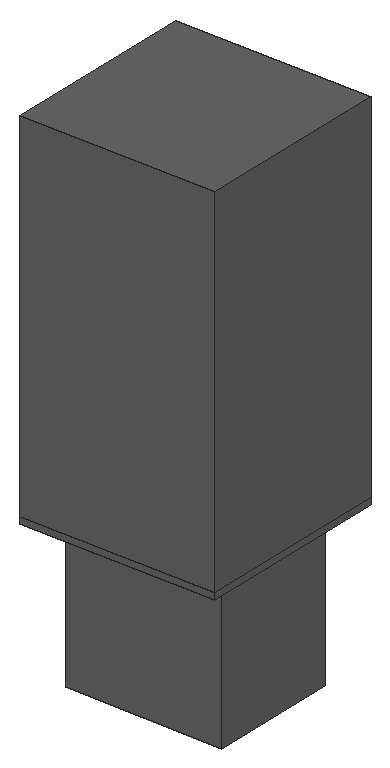
Revit family "LTC-6SQDPH-S", category Lighting Fixtures, host Face, Revit 2017
Family settings
  Host = Face
  Round Connector Dimension = Use Diameter
  Part Type = Normal
  OmniClass Number = 23.80.70.11.14.11
  OmniClass Title = Downlights
  Cut with Voids When Loaded = No
  Light Source = Yes
  Shared = Yes
  Room Calculation Point = No
Parameters (values of type "LTC-6SQDPH-SRMD")
  Width = 7.58984"
  Wattage Comments = "8-25"  # constant formula
  Wattage = 25 W
  built-in parameter 1150110 = 1 (stored number, unit not read)
  Voltage = if(Is 120V, 120 V, 277 V)  # 120 V
  URL = "https://www.hubbell.com/prescolite/en"
  built-in parameter 1114217 = 1 (stored number, unit not read)
  Tilt Angle = -90.00°
  built-in parameter 1150109 = 1 (stored number, unit not read)
  built-in parameter 1150134 = (empty or 0)
  built-in parameter 1150113 = 1 (stored number, unit not read)
  SRMD = yes
  Reflector Finish = Paint - Hubbell - Carbon Black
  Recessed = no
  Product Page URL = "https://www.hubbell.com/prescolite/en/Products/Lighting-Controls/Commercial-Indoor-Lighting/Cylinder/LITEISTRY-6-Square-Cylinder-Downlight-wPowerHUBB/p/3775909"
  Product Material = Paint - Hubbell - Carbon Black
  Product Documentation Link = "https://hubbellcdn.com/specsheet/LTC-6SQDPH%20PowerHUBB.pdf"
  Photometric Web File = "LTC-6SQDPH-P-20L35K8MD-PM-S-BL.ies"
  Photometric Notes = "More IES files download on Photometric Web Link"  # constant formula
  Model = "LTC-6SQD"  # constant formula
  Manufacturer = "Prescolite"  # constant formula
  built-in parameter 1150105 = -6252400 (stored number, unit not read)
  Lumens = 2200 lm
  built-in parameter 1150115 = 1 (stored number, unit not read)
  Load Classification = Lighting
  built-in parameter 1150137 = (empty or 0)
  built-in parameter 1150139 = (empty or 0)
  built-in parameter 1150112 = 1 (stored number, unit not read)
  built-in parameter 1150114 = 1 (stored number, unit not read)
  Lamp = " LED's"  # constant formula
  Is 277V = not(Is 120V)  # no
  Is 120V = yes
  built-in parameter 1150132 = (empty or 0)
  built-in parameter 1150102 = (empty or 0)
  built-in parameter 1150107 = 3000 (stored number, unit not read)
  built-in parameter 1150138 = (empty or 0)
  built-in parameter 1150106 = -62524 (stored number, unit not read)
  Height = 14.00"
  Glass = Hubbell - White Glass
  Frequency = 60 Hz  # constant formula
  Emit from Rectangle Width = Width  # 7.58984"
  Emit from Rectangle Length = Width  # 7.58984"
  Emit Shape Visible in Rendering = yes
  built-in parameter 1150104 = 8.1755 (stored number, unit not read)
  Dimming Lamp Color Temperature Shift = <None>
  Description = "LITEISTRY™ 6inch Square Cylinder Downlight with Powerhubb"  # constant formula
  Default Elevation = 48.00"
  Contact Us = "https://www.hubbell.com/prescolite/en/contactUs"
  Connector Description = "Lighting Connector"  # constant formula
  Color Filter = 16777215
  Ceiling Thickness [instance] = 1.25"
  Cutout Radius = 3.125"
  Ceiling Cutout = Cutout Radius * 2  # 6.25"
  Canopy width = 7.58984"
  Canopy Height = 0.25"
  built-in parameter 1114218 = 1 (stored number, unit not read)
  built-in parameter 1150133 = 10 (stored number, unit not read)
  Apparent Load = 52 VA
Types (4): name | SRMD | Recessed | Canopy width | Canopy Height
  (no name) | yes | no | 7.58984" | 0.25"
  LTC-6SQDPH-SRMD | yes | no | 7.58984" | 0.25"
  LTC-6SQDPH-SPC | no | yes | 7.75" | 3.00"
  LTC-6SQDPH-SPCC | no | no | 7.82813" | 4.50"
Reference planes (in)
  plane 1 "Center (Front/Back)": y = 0
  plane 2: z = 0
  plane 3 "Center (Left/Right)": x = 0
  plane 4: x = 3
  plane 5: x = -3
  plane 6: y = 3
  plane 7: y = -3
  plane 8: x = 3.79492
  plane 9: x = -3.79492
  plane 10: y = 3.79492
  plane 11: y = -3.79492
  plane 12: z = -6
  plane 13: x = 3.79492
  plane 14: x = -3.79492
  plane 15: z = 0.25
  plane 16: y = 3.79492
  plane 17: y = -3.79492
  plane 18: z = 14.25
Forms (in)
  Extrusion 1, void
    sketch origin (0, 0, 0) x (1, 0, 0) y (0, 1, 0)
      loop
        circle (0, 0) r 3.125
    from -1.25 to 0
  Extrusion 2, solid, material "Paint - Hubbell - Carbon Black" <- "Product Material", visible <- "SRMD"
    sketch origin (0, 0, 0) x (1, 0, 0) y (0, 1, 0)
      loop
        line (-3.04492, 2.5) -> (-3.04492, -2.5) -> (3.04492, -2.5) -> (3.04492, 2.5) -> (-3.04492, 2.5)
    from -6 to 0
  Extrusion 3, solid, material "Paint - Hubbell - Carbon Black" <- "Product Material", visible <- "Recessed"
    sketch origin (0, 0, 0) x (1, 0, 0) y (0, 1, 0)
      loop
        line (-1.73205, 3) -> (-3.4641, 0) -> (-1.73205, -3) -> (1.73205, -3) -> (3.4641, 0) -> (1.73205, 3) -> (-1.73205, 3)
    from -2.14078 to 0
  Extrusion 4, solid, material "Paint - Hubbell - Carbon Black" <- "Product Material"
    sketch origin (0, 0, 0) x (1, 0, 0) y (0, 0, 1)
      loop
        line (-3.79492, 0) -> (3.79492, 0) -> (3.79492, 0.25) -> (-3.79492, 0.25) -> (-3.79492, 0)
    from -3.79492 to 3.79492
  Extrusion 5, solid, material "Paint - Hubbell - Carbon Black" <- "Product Material"
    sketch origin (0, 0, 5) x (1, 0, 0) y (0, 1, 0)
      loop
        line (-3.79492, 3.79492) -> (-3.79492, -3.79492) -> (3.79492, -3.79492) -> (3.79492, 3.79492) -> (-3.79492, 3.79492)
    from -4.75 to 9.25
Dimensions and locks (in)
  equal spacing: plane 9, plane 3 "Center (Left/Right)", plane 8
  equal spacing: plane 11, plane 1 "Center (Front/Back)", plane 10
  "Width": plane 11 to plane 10
  "Width": plane 9 to plane 8
  "Canopy Height": plane 15 to plane 2
  equal spacing: plane 13, plane 3 "Center (Left/Right)", plane 14
  "Canopy width": plane 13 to plane 14
  "Canopy width": plane 16 to plane 17
  equal spacing: plane 16, plane 1 "Center (Front/Back)", plane 17
  "Height": plane 18 to plane 15
  "Cutout Radius": radius of Extrusion 1 sketch curve
  aligned and locked: plane 2 to host face
  aligned and locked: level to host face
  aligned and locked: level to Extrusion 1
  aligned and locked: plane 1 "Center (Front/Back)" to Extrusion 1 sketch curve
  aligned and locked: plane 3 "Center (Left/Right)" to Extrusion 1 sketch curve
  aligned and locked: plane 3 "Center (Left/Right)" to imposter light
  aligned and locked: Extrusion 4 sketch curve to host face
  aligned and locked: Extrusion 4 sketch curve to plane 14
  aligned and locked: Extrusion 4 sketch curve to plane 15
  aligned and locked: plane 13 to Extrusion 4 sketch curve
  aligned and locked: Extrusion 4 to plane 16
  aligned and locked: plane 17 to Extrusion 4
  aligned and locked: plane 15 to Extrusion 5
  aligned and locked: Extrusion 5 to plane 18
  aligned and locked: imposter light to plane 18
  aligned and locked: plane 2 to Extrusion 3
Automatic sketch dimensions
  host sketch curve to host sketch curve = 96.00"  (x2)
  Extrusion 2 sketch curve to plane 5 = 0.04492"
  plane 4 to Extrusion 2 sketch curve = 0.04492"
  Extrusion 2 sketch curve to plane 7 = 0.50"
  plane 6 to Extrusion 2 sketch curve = 0.50"
  Extrusion 5 sketch curve to plane 9 = 0.00"
  Extrusion 5 sketch curve to plane 8 = 0.00"
  plane 11 to Extrusion 5 sketch curve = 0.00"
  plane 10 to Extrusion 5 sketch curve = 0.00"
  plane 1 "Center (Front/Back)" to Extrusion 3 sketch curve = 0.00"  (x2)
  plane 6 to Extrusion 3 sketch curve = 0.00"
  plane 7 to Extrusion 3 sketch curve = 0.00"
  plane 9 to Extrusion 3 sketch curve = 0.33082"
  plane 5 to Extrusion 3 sketch curve = 1.26795"  (x2)
  Extrusion 3 sketch curve to plane 4 = 1.26795"  (x2)
  Extrusion 3 sketch curve to plane 8 = 0.33082"
Connectors (in)
  electrical at (0, 0, 0), driven by "Connector Description", driven by "Voltage", driven by "Apparent Load", driven by "Load Classification"
    settings: on host face, index 1, voltage 120 V, apparent load 52 VA, apparent load phase1 0 VA, apparent load phase2 0 VA, apparent load phase3 0 VA, power factor 0.9, load classification "Lighting", number of poles 1, system type 30, power factor state 1, is connector primary yes, connector utility no, sub classification motor no, connector description "Lighting Connector"
